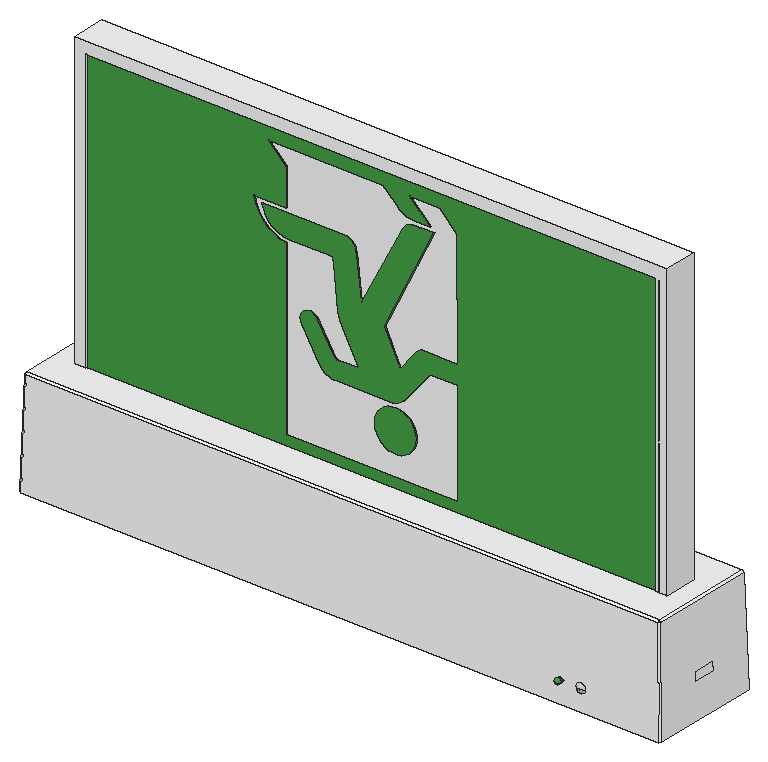
Revit family "GLIDER-SM_AUA03510130001", category Lighting Fixtures, host Face, Revit 2020 (continued)
Parameters (values of type "Running Man Single")
      2.215,   2.161,   2.087,   2.054,   1.985,   1.940\r\n   1.889,   1.830,   1.773,   1.730,   1.700,   1.643,   1.594,   1.559\r\n   1.515,   1.466,   1.436,   1.384,   1.352,   1.323,   1.272,   1.227\r\n   1.189,   1.161,   1.121,   1.083,   1.056,   1.033,   0.998,   0.975\r\n   0.935,   0.907,   0.883,   0.854,   0.822,   0.797,   0.773,   0.741\r\n   0.724,   0.708,   0.686,   0.661,   0.648,   0.620,   0.599,   0.581\r\n   0.566,   0.544,   0.531,   0.513,   0.495,   0.482,   0.469,   0.453\r\n   0.440,   0.429,   0.418,   0.406,   0.396,   0.389,   0.378,   0.372\r\n   0.363,   0.355,   0.352,   0.347,   0.340,   0.337,   0.335,   0.330\r\n   0.330,   0.329,   0.332,   0.335,   0.339,   0.345,   0.353,   0.356\r\n   0.364,   0.369,   0.373,   0.377,   0.378,   0.383,   0.387,   0.390\r\n   0.394,   0.399,   0.403,   0.401,   0.399,   0.399,   0.399,   0.398\r\n   0.396,   0.395,   0.393,   0.390,   0.389,   0.390,   0.391,   0.394\r\n   0.395,   0.398,   0.396,   0.393,   0.388,   0.378,   0.365,   0.358\r\n   0.353,   0.353,   0.349,   0.348,   0.344,   0.348,   0.347,   0.344\r\n   0.343,   0.341,   0.340,   0.336,   0.339,   0.337,   0.337,   0.332\r\n   0.330,   0.327,   0.324,   0.322,   0.321,   0.322,   0.319,   0.317\r\n   0.317,   0.317,   0.316,   0.314,   0.315,   0.312,   0.310,   0.310\r\n   0.309,   0.308,   0.304,   0.305,   0.302,   0.303,   0.301,   0.300\r\n   0.301,   0.299,   0.300,   0.301,   0.301,   0.302,   0.300,   0.300\r\n   0.302,   0.300,   0.300,   0.302,   0.300,   0.300,   0.298,   0.297\r\n   0.298,   0.298,   0.295,   0.295,   0.292,   0.289,   0.282,   0.276\r\n   0.269,   0.261,   0.254,   0.251,   0.245,   0.244,   0.241,   0.238\r\n   0.235,   0.233,   0.230,   0.228,   0.224,   0.224,   0.221,   0.216\r\n   0.215,   0.210,   0.208,   0.207,   0.202,   0.201,   0.198,   0.196\r\n   0.190,   0.186,   0.182,   0.180,   0.176,   0.175,   0.169,   0.167\r\n   0.162,   0.160,   0.158,   0.151,   0.150,   0.144,   0.140,   0.137\r\n   0.133,   0.131,   0.128,   0.122,   0.118,   0.116,   0.111,   0.099\r\n   0.087,   0.085,   0.079,   0.073,   0.068,   0.064,   0.061,   0.053\r\n   0.040,   0.025,   0.017,   0.015,   0.009,   0.007,   0.009,   0.009\r\n   0.010,   0.009,   0.009,   0.007,   0.008,   0.009,   0.008,   0.010\r\n   0.008,   0.009,   0.009,   0.008,   0.007,   0.008,   0.008,   0.010\r\n   0.009\r\n   5.761,   5.766,   5.837,   5.847,   5.871,   5.884,   5.849,   5.864\r\n   5.868,   5.841,   5.838,   5.838,   5.823,   5.828,   5.802,   5.802\r\n   5.819,   5.774,   5.756,   5.745,   5.724,   5.755,   5.749,   5.735\r\n   5.712,   5.712,   5.671,   5.680,   5.679,   5.623,   5.603,   5.589\r\n   5.534,   5.498,   5.455,   5.424,   5.400,   5.350,   5.291,   5.276\r\n   5.270,   5.191,   5.180,   5.158,   5.110,   5.044,   5.031,   4.969\r\n   4.950,   4.941,   4.873,   4.843,   4.806,   4.761,   4.738,   4.697\r\n   4.658,   4.609,   4.600,   4.571,   4.539,   4.474,   4.446,   4.409\r\n   4.403,   4.353,   4.311,   4.281,   4.257,   4.224,   4.204,   4.192\r\n   4.142,   4.130,   4.091,   4.074,   4.020,   4.003,   3.971,   3.924\r\n   3.922,   3.877,   3.824,   3.771,   3.740,   3.696,   3.659,   3.612\r\n   3.552,   3.494,   3.446,   3.358,   3.288,   3.234,   3.155,   3.098\r\n   3.031,   2.970,   2.879,   2.801,   2.761,   2.698,   2.614,   2.570\r\n   2.497,   2.446,   2.387,   2.330,   2.259,   2.212,   2.152,   2.092\r\n   2.041,   1.991,   1.948,   1.884,   1.852,   1.804,   1.746,   1.702\r\n   1.659,   1.612,   1.575,   1.527,   1.481,   1.440,   1.404,   1.367\r\n   1.329,   1.296,   1.254,   1.215,   1.184,   1.151,   1.119,   1.086\r\n   1.057,   1.017,   0.995,   0.956,   0.935,   0.907,   0.879,   0.849\r\n   0.830,   0.805,   0.781,   0.757,   0.739,   0.715,   0.691,   0.674\r\n   0.657,   0.632,   0.618,   0.600,   0.586,   0.566,   0.552,   0.539\r\n   0.521,   0.507,   0.497,   0.485,   0.476,   0.468,   0.455,   0.448\r\n   0.440,   0.433,   0.426,   0.422,   0.415,   0.407,   0.406,   0.400\r\n   0.401,   0.398,   0.402,   0.401,   0.406,   0.410,   0.414,   0.417\r\n   0.421,   0.426,   0.431,   0.433,   0.435,   0.436,   0.438,   0.445\r\n   0.452,   0.454,   0.459,   0.465,   0.462,   0.461,   0.458,   0.455\r\n   0.455,   0.449,   0.448,   0.444,   0.444,   0.446,   0.450,   0.454\r\n   0.454,   0.451,   0.446,   0.440,   0.439,   0.424,   0.417,   0.416\r\n   0.412,   0.409,   0.408,   0.407,   0.405,   0.402,   0.402,   0.403\r\n   0.399,   0.399,   0.395,   0.394,   0.390,   0.389,   0.384,   0.382\r\n   0.380,   0.378,   0.378,   0.377,   0.374,   0.374,   0.373,   0.370\r\n   0.367,   0.367,   0.366,   0.365,   0.362,   0.362,   0.358,   0.358\r\n   0.356,   0.352,   0.351,   0.352,   0.350,   0.348,   0.347,   0.345\r\n   0.344,   0.342,   0.343,   0.343,   0.340,   0.340,   0.340,   0.340\r\n   0.339,   0.335,   0.335,   0.330,   0.331,   0.328,   0.323,   0.319\r\n   0.312,   0.307,   0.301,   0.295,   0.290,   0.287,   0.280,   0.279\r\n   0.275,   0.272,   0.269,   0.267,   0.263,   0.261,   0.257,   0.253\r\n   0.249,   0.248,   0.243,   0.239,   0.237,   0.235,   0.230,   0.225\r\n   0.222,   0.221,   0.216,   0.212,   0.210,   0.205,   0.200,   0.198\r\n   0.195,   0.192,   0.188,   0.185,   0.180,   0.178,   0.172,   0.167\r\n   0.167,   0.161,   0.155,   0.153,   0.148,   0.145,   0.141,   0.137\r\n   0.132,   0.127,   0.122,   0.118,   0.106,   0.098,   0.092,   0.085\r\n   0.080,   0.071,   0.062,   0.056,   0.049,   0.039,   0.028,   0.020\r\n   0.016,   0.013,   0.012,   0.010,   0.010,   0.010,   0.007,   0.009\r\n   0.011,   0.009,   0.009,   0.010,   0.010,   0.008,   0.010,   0.008\r\n   0.010,   0.009,   0.009,   0.008,   0.010,   0.008,   0.007,   0.009\r\n   0.009\r\n   5.761,   5.769,   5.871,   5.887,   5.883,   5.898,   5.904,   5.883\r\n   5.873,   5.869,   5.875,   5.850,   5.849,   5.854,   5.812,   5.828\r\n   5.812,   5.813,   5.783,   5.777,   5.764,   5.774,   5.762,   5.758\r\n   5.713,   5.741,   5.712,   5.692,   5.698,   5.677,   5.663,   5.635\r\n   5.652,   5.620,   5.602,   5.597,   5.568,   5.541,   5.517,   5.479\r\n   5.413,   5.373,   5.348,   5.314,   5.276,   5.264,   5.193,   5.181\r\n   5.163,   5.130,   5.067,   5.051,   5.031,   4.952,   4.922,   4.914\r\n   4.849,   4.818,   4.764,   4.741,   4.682,   4.659,   4.631,   4.584\r\n   4.529,   4.515,   4.468,   4.421,   4.382,   4.348,   4.322,   4.282\r\n   4.248,   4.194,   4.173,   4.139,   4.100,   4.065,   4.045,   3.987\r\n   3.963,   3.939,   3.916,   3.886,   3.849,   3.812,   3.778,   3.766\r\n   3.737,   3.702,   3.676,   3.644,   3.631,   3.583,   3.558,   3.501\r\n   3.479,   3.426,   3.388,   3.330,   3.269,   3.197,   3.154,   3.100\r\n   3.040,   2.978,   2.920,   2.854,   2.786,   2.742,   2.678,   2.615\r\n   2.532,   2.492,   2.425,   2.380,   2.335,   2.263,   2.204,   2.168\r\n   2.111,   2.060,   2.032,   1.969,   1.922,   1.888,   1.845,   1.791\r\n   1.744,   1.718,   1.670,   1.631,   1.598,   1.551,   1.509,   1.470\r\n   1.440,   1.397,   1.362,   1.323,   1.293,   1.252,   1.227,   1.190\r\n   1.162,   1.128,   1.108,   1.076,   1.052,   1.023,   0.999,   0.975\r\n   0.950,   0.931,   0.915,   0.889,   0.872,   0.849,   0.834,   0.819\r\n   0.802,   0.786,   0.764,   0.754,   0.744,   0.726,   0.713,   0.706\r\n   0.691,   0.685,   0.673,   0.663,   0.655,   0.652,   0.646,   0.642\r\n   0.634,   0.632,   0.627,   0.627,   0.626,   0.629,   0.626,   0.628\r\n   0.628,   0.630,   0.629,   0.635,   0.638,   0.638,   0.639,   0.646\r\n   0.648,   0.651,   0.657,   0.654,   0.653,   0.651,   0.646,   0.640\r\n   0.640,   0.640,   0.639,   0.637,   0.639,   0.641,   0.637,   0.635\r\n   0.631,   0.625,   0.619,   0.612,   0.609,   0.605,   0.598,   0.593\r\n   0.590,   0.588,   0.585,   0.580,   0.578,   0.572,   0.573,   0.567\r\n   0.564,   0.559,   0.556,   0.558,   0.550,   0.547,   0.544,   0.540\r\n   0.540,   0.534,   0.529,   0.525,   0.522,   0.517,   0.514,   0.506\r\n   0.505,   0.498,   0.495,   0.491,   0.486,   0.482,   0.471,   0.466\r\n   0.462,   0.456,   0.451,   0.446,   0.440,   0.435,   0.432,   0.428\r\n   0.424,   0.424,   0.417,   0.412,   0.411,   0.408,   0.403,   0.402\r\n   0.398,   0.393,   0.389,   0.386,   0.381,   0.379,   0.374,   0.372\r\n   0.368,   0.363,   0.358,   0.355,   0.352,   0.345,   0.341,   0.337\r\n   0.331,   0.329,   0.322,   0.319,   0.312,   0.309,   0.307,   0.302\r\n   0.295,   0.291,   0.286,   0.284,   0.276,   0.269,   0.264,   0.259\r\n   0.252,   0.248,   0.241,   0.234,   0.230,   0.221,   0.215,   0.211\r\n   0.205,   0.199,   0.193,   0.185,   0.180,   0.174,   0.168,   0.162\r\n   0.158,   0.149,   0.134,   0.127,   0.116,   0.110,   0.100,   0.096\r\n   0.089,   0.082,   0.076,   0.070,   0.060,   0.052,   0.036,   0.024\r\n   0.017,   0.017,   0.017,   0.012,   0.011,   0.010,   0.012,   0.010\r\n   0.010,   0.010,   0.010,   0.010,   0.012,   0.008,   0.009,   0.011\r\n   0.010,   0.009,   0.011,   0.010,   0.009,   0.008,   0.009,   0.009\r\n   0.009,   0.008,   0.009,   0.009,   0.008,   0.010,   0.009,   0.010\r\n   0.009\r\n   5.761,   5.742,   5.816,   5.827,   5.852,   5.883,   5.897,   5.854\r\n   5.910,   5.889,   5.877,   5.899,   5.861,   5.841,   5.848,   5.820\r\n   5.831,   5.804,   5.813,   5.800,   5.786,   5.764,   5.757,   5.740\r\n   5.719,   5.713,   5.731,   5.702,   5.671,   5.697,   5.670,   5.642\r\n   5.642,   5.629,   5.600,   5.577,   5.573,   5.565,   5.533,   5.542\r\n   5.503,   5.481,   5.492,   5.445,   5.433,   5.415,   5.392,   5.379\r\n   5.380,   5.322,   5.310,   5.265,   5.267,   5.217,   5.193,   5.157\r\n   5.142,   5.122,   5.080,   5.084,   5.027,   5.004,   4.976,   4.923\r\n   4.864,   4.828,   4.804,   4.770,   4.719,   4.665,   4.644,   4.586\r\n   4.540,   4.513,   4.456,   4.414,   4.386,   4.346,   4.299,   4.236\r\n   4.185,   4.163,   4.121,   4.068,   4.034,   3.987,   3.932,   3.880\r\n   3.843,   3.809,   3.758,   3.715,   3.662,   3.615,   3.576,   3.521\r\n   3.472,   3.413,   3.384,   3.327,   3.299,   3.254,   3.199,   3.164\r\n   3.119,   3.070,   3.038,   2.987,   2.937,   2.910,   2.872,   2.825\r\n   2.773,   2.743,   2.715,   2.667,   2.638,   2.599,   2.573,   2.533\r\n   2.501,   2.456,   2.428,   2.380,   2.339,   2.285,   2.240,   2.170\r\n   2.118,   2.071,   2.022,   1.970,   1.926,   1.871,   1.828,   1.776\r\n   1.736,   1.680,   1.643,   1.603,   1.559,   1.514,   1.473,   1.430\r\n   1.388,   1.354,   1.321,   1.284,   1.249,   1.218,   1.188,   1.149\r\n   1.120,   1.101,   1.068,   1.037,   1.013,   0.983,   0.964,   0.933\r\n   0.912,   0.888,   0.873,   0.853,   0.840,   0.823,   0.806,   0.796\r\n   0.783,   0.773,   0.765,   0.751,   0.745,   0.736,   0.727,   0.720\r\n   0.714,   0.712,   0.702,   0.697,   0.694,   0.690,   0.686,   0.685\r\n   0.685,   0.682,   0.681,   0.680,   0.680,   0.684,   0.676,   0.679\r\n   0.681,   0.680,   0.682,   0.680,   0.679,   0.677,   0.672,   0.669\r\n   0.666,   0.667,   0.667,   0.661,   0.661,   0.656,   0.652,   0.649\r\n   0.644,   0.642,   0.635,   0.630,   0.632,   0.628,   0.622,   0.618\r\n   0.615,   0.612,   0.607,   0.604,   0.602,   0.594,   0.592,   0.586\r\n   0.584,   0.579,   0.577,   0.571,   0.568,   0.565,   0.560,   0.558\r\n   0.552,   0.548,   0.546,   0.543,   0.535,   0.531,   0.532,   0.527\r\n   0.520,   0.517,   0.514,   0.514,   0.507,   0.503,   0.502,   0.498\r\n   0.492,   0.491,   0.484,   0.487,   0.475,   0.475,   0.473,   0.471\r\n   0.466,   0.460,   0.457,   0.455,   0.450,   0.444,   0.443,   0.439\r\n   0.433,   0.429,   0.427,   0.421,   0.415,   0.409,   0.404,   0.403\r\n   0.398,   0.395,   0.390,   0.386,   0.377,   0.375,   0.367,   0.364\r\n   0.359,   0.354,   0.350,   0.343,   0.337,   0.332,   0.327,   0.322\r\n   0.315,   0.309,   0.302,   0.295,   0.290,   0.283,   0.275,   0.266\r\n   0.260,   0.247,   0.238,   0.229,   0.220,   0.205,   0.197,   0.187\r\n   0.179,   0.172,   0.166,   0.158,   0.148,   0.139,   0.129,   0.121\r\n   0.114,   0.108,   0.101,   0.095,   0.086,   0.078,   0.073,   0.065\r\n   0.058,   0.051,   0.044,   0.032,   0.027,   0.022,   0.016,   0.015\r\n   0.011,   0.012,   0.009,   0.012,   0.010,   0.011,   0.011,   0.010\r\n   0.009,   0.010,   0.009,   0.010,   0.009,   0.010,   0.010,   0.011\r\n   0.010,   0.011,   0.010,   0.010,   0.010,   0.009,   0.010,   0.009\r\n   0.009,   0.011,   0.009,   0.010,   0.010,   0.010,   0.010,   0.010\r\n   0.009\r\n   5.761,   5.782,   5.788,   5.784,   5.802,   5.799,   5.802,   5.798\r\n   5.778,   5.783,   5.754,   5.746,   5.760,   5.755,   5.736,   5.739\r\n   5.728,   5.710,   5.716,   5.701,   5.720,   5.692,   5.678,   5.675\r\n   5.657,   5.671,   5.636,   5.615,   5.601,   5.604,   5.596,   5.595\r\n   5.576,   5.550,   5.531,   5.545,   5.503,   5.484,   5.483,   5.465\r\n   5.441,   5.421,   5.413,   5.400,   5.373,   5.337,   5.324,   5.323\r\n   5.284,   5.268,   5.248,   5.242,   5.227,   5.161,   5.141,   5.134\r\n   5.100,   5.078,   5.037,   4.965,   4.976,   4.943,   4.922,   4.868\r\n   4.846,   4.818,   4.795,   4.734,   4.695,   4.674,   4.647,   4.606\r\n   4.577,   4.533,   4.502,   4.452,   4.410,   4.392,   4.335,   4.306\r\n   4.274,   4.226,   4.163,   4.127,   4.098,   4.026,   4.013,   3.994\r\n   3.920,   3.869,   3.849,   3.810,   3.754,   3.718,   3.665,   3.611\r\n   3.590,   3.527,   3.480,   3.440,   3.392,   3.345,   3.302,   3.270\r\n   3.224,   3.163,   3.126,   3.076,   3.038,   3.002,   2.951,   2.902\r\n   2.852,   2.814,   2.762,   2.717,   2.684,   2.626,   2.583,   2.552\r\n   2.504,   2.459,   2.406,   2.368,   2.318,   2.284,   2.231,   2.177\r\n   2.141,   2.088,   2.043,   1.998,   1.966,   1.919,   1.881,   1.837\r\n   1.795,   1.746,   1.717,   1.672,   1.627,   1.591,   1.549,   1.509\r\n   1.461,   1.438,   1.387,   1.343,   1.316,   1.283,   1.241,   1.211\r\n   1.178,   1.143,   1.110,   1.076,   1.047,   1.018,   0.990,   0.957\r\n   0.929,   0.911,   0.883,   0.860,   0.844,   0.821,   0.800,   0.786\r\n   0.770,   0.750,   0.741,   0.724,   0.715,   0.700,   0.693,   0.691\r\n   0.679,   0.678,   0.667,   0.662,   0.657,   0.658,   0.654,   0.651\r\n   0.649,   0.646,   0.641,   0.636,   0.632,   0.629,   0.627,   0.625\r\n   0.618,   0.616,   0.612,   0.610,   0.605,   0.604,   0.601,   0.594\r\n   0.594,   0.589,   0.585,   0.583,   0.581,   0.578,   0.575,   0.571\r\n   0.568,   0.565,   0.564,   0.562,   0.561,   0.560,   0.557,   0.554\r\n   0.554,   0.548,   0.549,   0.545,   0.541,   0.539,   0.535,   0.531\r\n   0.529,   0.524,   0.526,   0.520,   0.519,   0.515,   0.513,   0.507\r\n   0.508,   0.504,   0.499,   0.497,   0.495,   0.491,   0.487,   0.487\r\n   0.482,   0.480,   0.478,   0.473,   0.471,   0.465,   0.464,   0.463\r\n   0.459,   0.455,   0.449,   0.450,   0.445,   0.441,   0.439,   0.437\r\n   0.430,   0.427,   0.425,   0.420,   0.417,   0.413,   0.410,   0.404\r\n   0.400,   0.395,   0.394,   0.388,   0.385,   0.378,   0.373,   0.363\r\n   0.360,   0.354,   0.347,   0.343,   0.335,   0.328,   0.321,   0.314\r\n   0.311,   0.302,   0.293,   0.288,   0.284,   0.276,   0.268,   0.262\r\n   0.253,   0.248,   0.241,   0.232,   0.225,   0.217,   0.211,   0.202\r\n   0.197,   0.188,   0.180,   0.175,   0.167,   0.157,   0.151,   0.141\r\n   0.134,   0.126,   0.119,   0.111,   0.104,   0.094,   0.087,   0.075\r\n   0.067,   0.059,   0.047,   0.041,   0.033,   0.026,   0.019,   0.015\r\n   0.010,   0.011,   0.011,   0.012,   0.009,   0.011,   0.010,   0.010\r\n   0.012,   0.010,   0.009,   0.011,   0.011,   0.011,   0.011,   0.011\r\n   0.011,   0.011,   0.010,   0.009,   0.010,   0.009,   0.009,   0.009\r\n   0.011,   0.010,   0.010,   0.010,   0.010,   0.010,   0.010,   0.010\r\n   0.010,   0.010,   0.011,   0.011,   0.008,   0.009,   0.009,   0.009\r\n   0.009\r\n   5.761,   5.749,   5.734,   5.764,   5.785,   5.798,   5.781,   5.798\r\n   5.799,   5.821,   5.799,   5.772,   5.801,   5.784,   5.788,   5.818\r\n   5.759,   5.777,   5.794,   5.758,   5.768,   5.760,   5.769,   5.761\r\n   5.717,   5.754,   5.741,   5.712,   5.736,   5.728,   5.712,   5.694\r\n   5.685,   5.670,   5.662,   5.652,   5.641,   5.636,   5.636,   5.609\r\n   5.582,   5.568,   5.582,   5.555,   5.547,   5.553,   5.532,   5.502\r\n   5.471,   5.459,   5.427,   5.435,   5.404,   5.365, 
